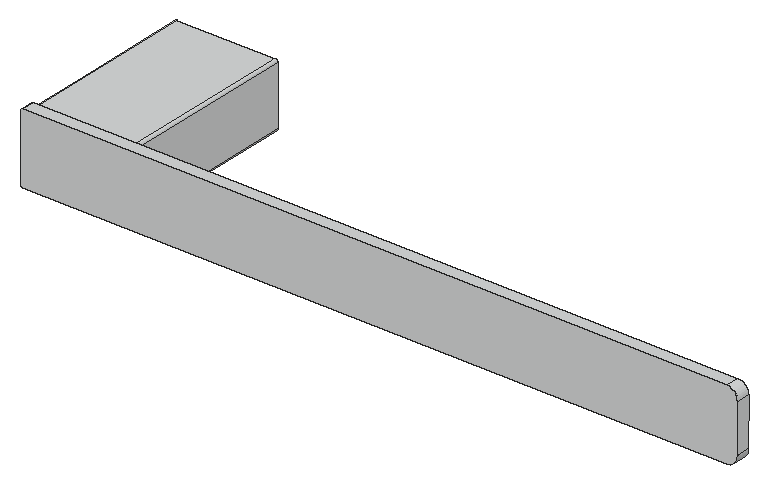
Revit family "TowelRail_SurfaceMount_Nero_Celia_Hand", category Specialty Equipment, Revit 2022
Family settings
  Round Connector Dimension = Use Diameter
  Part Type = Normal
  OmniClass Number = 23.31.25.25
  OmniClass Title = Towel Bars
  Work Plane-Based = No
  Always vertical = Yes
  Cut with Voids When Loaded = Yes
  Maintain Annotation Orientation = No
  Shared = No
  Room Calculation Point = No
Parameters (values of type "Chrome (NR4680CH)")
  Uniclass2015Version = "Products v1.28"
  Uniclass2015Title = "Towel rails"
  Uniclass2015Code = "Pr_40_20_76_90"
  URL = "https://nerotapware.com.au/"
  Type Comments = "Towel Rail - Surface Mount - Hand - Chrome"
  ModifiedIssue = 20240428
  Model = "NR4680CH"
  Default Elevation = 0 mm
  BodyMaterial = Metal_Chrome_Nero
  ManufacturerURLProductSpecific = "https://nerotapware.com.au/product/celia-hand-towel-rail-chrome-nr4680ch/"
  ManufacturerSpecCode = "NR4680CH"
  ManufacturerOverallWidth = 265 mm  # constant formula
  ManufacturerOverallHeight = 26 mm  # constant formula
  ManufacturerOverallDepth = 70 mm  # constant formula
  ManufacturerHeightFromFFL [instance] = 900 mm
  Manufacturer = "Nero"
  IfcExportType = "NOTDEFINED"
  IfcExportAs = "IfcFurniture"
  Description = "Celia Hand Towel Rail Chrome"
  CreatedByURL = "https://igsgroup.com.au"
  CreatedBy = "IGS BIM Solutions"  # constant formula
  Assembly Code = "C1030210"
Types (3, lengths in mm): name | Type Comments | Model | BodyMaterial | ManufacturerURLProductSpecific | ManufacturerSpecCode | Description
  Brushed Nickel (NR4680BN) | "Towel Rail - Surface Mount - Hand - Brushed Nickel" | "NR4680BN" | Metal_Nickel_Nero_Brushed | "https://nerotapware.com.au/product/celia-hand-towel-rail-brushed-nickel-nr4680bn/" | "NR4680BN" | "Celia Hand Towel Rail Brushed Nickel"
  Matte Black (NR4680MB) | "Towel Rail - Surface Mount - Hand - Matte Black" | "NR4680MB" | Metal_MatteBlack_Nero | "https://nerotapware.com.au/product/celia-hand-towel-rail-matte-black-nr4680mb/" | "NR4680MB" | "Celia Hand Towel Rail Matte Black"
  Chrome (NR4680CH) | "Towel Rail - Surface Mount - Hand - Chrome" | "NR4680CH" | Metal_Chrome_Nero | "https://nerotapware.com.au/product/celia-hand-towel-rail-chrome-nr4680ch/" | "NR4680CH" | "Celia Hand Towel Rail Chrome"
Reference planes
  plane 1 "Ref. Level": z = 0
  plane 2 "Left": x = -13
  plane 3 "Back": y = 173.75
  plane 4 "Front": y = 103.75
  plane 5 "Bottom": z = 887
  plane 6 "Top": z = 913
  plane 7 "Right": x = 252
  plane 8 "RailCenter": x = 7
  plane 9 "MountingHeight": z = 900
Forms (mm)
  Extrusion 1, solid, material "Metal_Chrome_Nero" <- "BodyMaterial"
    sketch origin (-14.375, 103.75, -45) x (1, 0, 0) y (0, 0, -1)
      loop
        line (2.375, -958) -> (262.375, -958)
        arc (262.375, -958) -> (265.203, -956.828) -> (266.375, -954) r 4
        line (266.375, -954) -> (266.375, -936)
        arc (266.375, -936) -> (265.203, -933.172) -> (262.375, -932) r 4
        line (262.375, -932) -> (2.375, -932)
        arc (2.375, -932) -> (1.668, -932.293) -> (1.375, -933) r 1
        line (1.375, -933) -> (1.375, -957)
        arc (1.375, -957) -> (1.668, -957.707) -> (2.375, -958) r 1
    from 0 to 5
  Extrusion 2, solid, material "Metal_Chrome_Nero" <- "BodyMaterial"
    sketch origin (-14.375, 173.75, -45) x (1, 0, 0) y (0, 0, 1)
      loop
        arc (3.375, 957) -> (2.668, 956.707) -> (2.375, 956) r 1
        line (2.375, 956) -> (2.375, 934)
        arc (2.375, 934) -> (2.668, 933.293) -> (3.375, 933) r 1
        line (3.375, 933) -> (39.375, 933)
        arc (39.375, 933) -> (40.082, 933.293) -> (40.375, 934) r 1
        line (40.375, 934) -> (40.375, 956)
        arc (40.375, 956) -> (40.082, 956.707) -> (39.375, 957) r 1
        line (39.375, 957) -> (3.375, 957)
    from 0 to 65
Lines and regions (mm)
  Masking region 1
    outline origin (0, 0, 913) x (0, -1, 0) y (1, 0, 0)
      loop
        line (-173.75, -12) -> (-108.75, -12) -> (-108.75, -13) -> (-103.75, -13) -> (-103.75, 252) -> (-108.75, 252) -> (-108.75, 26) -> (-173.75, 26) -> (-173.75, -12)
  symbolic lines, style "Bathroom Fixtures", detail levels medium+fine
    curve 1: line (-12, 108.75, 913) -> (26, 108.75, 913)
Text (mm)
  text "Disclaimer:\nDue to ongoing product development and manufacturing \nevolution, product details are subject to change without \nnotice. Please refer to product technical data sheets on \nthe manufacturers website for the most current product \ninformation. Please allow a +/- 5mm manufacturing \ntolerance for dimensions and set-outs shown in product \nliterature." at (440.754, 304.555, 0), in view "Ref. Level"
Dimensions and locks
  "ManufacturerOverallDepth": plane 3 "Back" to plane 4 "Front"
  "ManufacturerOverallHeight": plane 6 "Top" to plane 5 "Bottom"
  "ManufacturerHeightFromFFL": plane 9 "MountingHeight" to plane 1 "Ref. Level"
  locked: plane 2 "Left" to plane 8 "RailCenter" at 20
  "ManufacturerOverallWidth": plane 2 "Left" to plane 7 "Right"
  locked: plane 6 "Top" to plane 9 "MountingHeight" at 13
  aligned and locked: level to plane 1 "Ref. Level"
Automatic sketch dimensions
  Extrusion 1 sketch curve to plane 2 "Left" = 0 mm
  Extrusion 1 sketch curve to plane 5 "Bottom" = 0 mm
  Extrusion 1 sketch curve to plane 6 "Top" = 0 mm
  Extrusion 1 sketch curve to plane 2 "Left" = 1 mm  (x2)
  Extrusion 1 sketch curve to Extrusion 1 sketch curve = 4 mm  (x2)
  plane 3 "Back" to Masking region 1 sketch curve = 0 mm
  Masking region 1 sketch curve to plane 2 "Left" = 0 mm
  Masking region 1 sketch curve to plane 4 "Front" = 0 mm
  plane 4 "Front" to Masking region 1 sketch curve = 5 mm  (x2)
  plane 2 "Left" to Masking region 1 sketch curve = 1 mm
  Masking region 1 sketch curve to Masking region 1 sketch curve = 226 mm
  Extrusion 1 sketch curve to plane 7 "Right" = 0 mm
  Masking region 1 sketch curve to Masking region 1 sketch curve = 38 mm
  plane 2 "Left" to Extrusion 2 sketch curve = 2 mm  (x2)
  Extrusion 2 sketch curve to Extrusion 2 sketch curve = 1 mm  (x2)
  Extrusion 2 sketch curve to plane 5 "Bottom" = 1 mm
  plane 8 "RailCenter" to Extrusion 2 sketch curve = 18 mm  (x2)
  plane 6 "Top" to Extrusion 2 sketch curve = 1 mm
  plane 4 "Front" to curve 1 = 5 mm
  plane 2 "Left" to curve 1 = 1 mm
  plane 8 "RailCenter" to curve 1 = 19 mm
